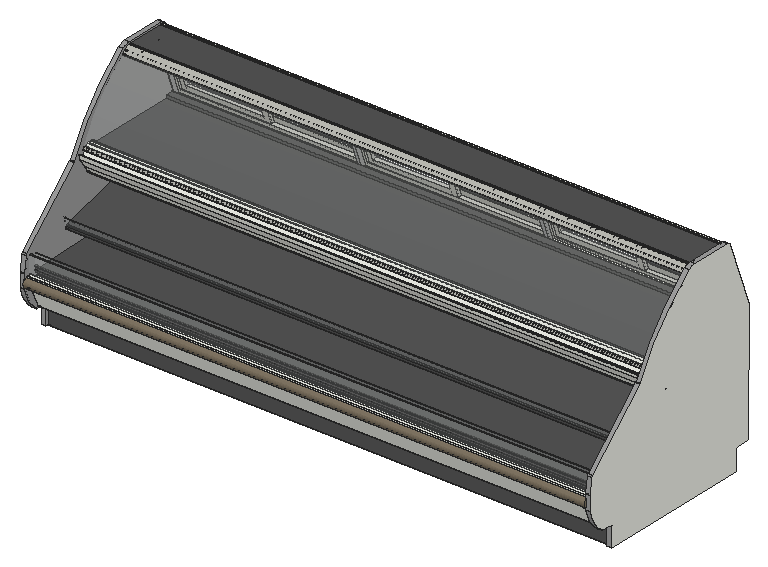
Revit family "CR3H-HF_2014", category Specialty Equipment, Revit 2014 (continued)
Automatic sketch dimensions
  Extrusion 4 sketch curve to Extrusion 4 sketch curve = 0.07575"
  Extrusion 4 sketch curve to Extrusion 4 sketch curve = 0.015"  (x2)
  Extrusion 4 sketch curve to Extrusion 4 sketch curve = 0.02598"
  Extrusion 4 sketch curve to Extrusion 4 sketch curve = 0.71047"
  Extrusion 4 sketch curve to Extrusion 4 sketch curve = 0.83571"
  Extrusion 4 sketch curve to Extrusion 4 sketch curve = 0.0325"
  Extrusion 4 sketch curve to Extrusion 4 sketch curve = 0.05157"
  Extrusion 4 sketch curve to Extrusion 4 sketch curve = 0.15131"
  Extrusion 4 sketch curve to Extrusion 4 sketch curve = 0.0366"
  Extrusion 4 sketch curve to Extrusion 4 sketch curve = 0.91312"
  Extrusion 4 sketch curve to Extrusion 4 sketch curve = 0.03995"
  Extrusion 4 sketch curve to Extrusion 4 sketch curve = 0.85479"
  Extrusion 4 sketch curve to Extrusion 4 sketch curve = 0.05372"
  Extrusion 4 sketch curve to Extrusion 4 sketch curve = 0.75387"
  Extrusion 4 sketch curve to Extrusion 4 sketch curve = 0.0238"
  Extrusion 4 sketch curve to Extrusion 4 sketch curve = 0.01291"
  Extrusion 4 sketch curve to Extrusion 4 sketch curve = 0.75022"
  Extrusion 4 sketch curve to Extrusion 4 sketch curve = 0.77812"
  Extrusion 4 sketch curve to Extrusion 4 sketch curve = 0.02374"
  Extrusion 4 sketch curve to Extrusion 4 sketch curve = 0.2159"
  Extrusion 4 sketch curve to Extrusion 4 sketch curve = 0.02365"
  Extrusion 4 sketch curve to Extrusion 4 sketch curve = 0.06259"
  Extrusion 4 sketch curve to Extrusion 4 sketch curve = 0.05811"
  Extrusion 4 sketch curve to Extrusion 4 sketch curve = 1/16"
  Extrusion 4 sketch curve to Extrusion 4 sketch curve = 0.00996"
  Extrusion 4 sketch curve to Extrusion 4 sketch curve = 0.06037"
  Extrusion 4 sketch curve to Extrusion 4 sketch curve = 1.03228"
  Extrusion 4 sketch curve to Extrusion 4 sketch curve = 0.002"
  Extrusion 4 sketch curve to Extrusion 4 sketch curve = 0.07433"
  Extrusion 4 sketch curve to Extrusion 4 sketch curve = 0.05894"
  Extrusion 4 sketch curve to Extrusion 4 sketch curve = 0.942"
  Extrusion 4 sketch curve to Extrusion 4 sketch curve = 0.437"
  Extrusion 4 sketch curve to Extrusion 4 sketch curve = 1.30099"
  Extrusion 4 sketch curve to Extrusion 4 sketch curve = 0.321"  (x2)
  Extrusion 4 sketch curve to Extrusion 4 sketch curve = 0.3835"
  Extrusion 4 sketch curve to Extrusion 4 sketch curve = 0.33171"
  Extrusion 4 sketch curve to Extrusion 4 sketch curve = 0.48743"
  Extrusion 4 sketch curve to Extrusion 4 sketch curve = 0.0925"  (x2)
  Extrusion 4 sketch curve to Extrusion 4 sketch curve = 0.71176"
  Extrusion 4 sketch curve to Extrusion 4 sketch curve = 0.95999"
  level to Extrusion 4 sketch curve = 7.41108"
  Extrusion 4 sketch curve to Extrusion 4 sketch curve = 0.70692"
  Extrusion 4 sketch curve to Extrusion 4 sketch curve = 0.92046"
  Extrusion 4 sketch curve to Extrusion 4 sketch curve = 0.03"
  Extrusion 4 sketch curve to Extrusion 4 sketch curve = 0.57125"
  Extrusion 4 sketch curve to Extrusion 4 sketch curve = 0.01129"
  Extrusion 4 sketch curve to Extrusion 4 sketch curve = 0.18131"
  Extrusion 4 sketch curve to Extrusion 4 sketch curve = 0.02229"
  Extrusion 4 sketch curve to Extrusion 4 sketch curve = 2.51608"
  Extrusion 4 sketch curve to Extrusion 4 sketch curve = 0.234"
  Extrusion 4 sketch curve to Extrusion 4 sketch curve = 3.88125"
  Extrusion 4 sketch curve to Extrusion 4 sketch curve = 0.91209"
  Extrusion 4 sketch curve to Extrusion 4 sketch curve = 0.01618"
  Extrusion 4 sketch curve to Extrusion 4 sketch curve = 0.09662"
  Extrusion 4 sketch curve to Extrusion 4 sketch curve = 0.11688"
  Extrusion 4 sketch curve to Extrusion 4 sketch curve = 1.62375"
  Extrusion 4 sketch curve to Extrusion 4 sketch curve = 0.1555"
  Extrusion 4 sketch curve to Extrusion 4 sketch curve = 0.062"
  Extrusion 4 sketch curve to Extrusion 4 sketch curve = 0.59641"
  Extrusion 4 sketch curve to Extrusion 4 sketch curve = 0.371"
  Extrusion 4 sketch curve to Extrusion 4 sketch curve = 0.24458"
  Extrusion 4 sketch curve to Extrusion 4 sketch curve = 12.24798"
  Extrusion 4 sketch curve to Extrusion 4 sketch curve = 0.00656"
  Extrusion 4 sketch curve to Extrusion 4 sketch curve = 0.39739"
  Extrusion 4 sketch curve to Extrusion 4 sketch curve = 0.32631"
  Extrusion 4 sketch curve to Extrusion 4 sketch curve = 0.39507"
  Extrusion 4 sketch curve to Extrusion 4 sketch curve = 2.2093"
  Extrusion 4 sketch curve to Extrusion 4 sketch curve = 0.96558"
  Extrusion 4 sketch curve to Extrusion 4 sketch curve = 0.01537"
  Extrusion 4 sketch curve to Extrusion 4 sketch curve = 1.40745"
  Extrusion 4 sketch curve to Extrusion 4 sketch curve = 1.95994"
  Extrusion 4 sketch curve to Extrusion 4 sketch curve = 0.22796"
  Extrusion 4 sketch curve to Extrusion 4 sketch curve = 0.43429"
  Extrusion 4 sketch curve to Extrusion 4 sketch curve = 0.4825"
  Extrusion 4 sketch curve to Extrusion 4 sketch curve = 0.17619"
  Extrusion 4 sketch curve to Extrusion 4 sketch curve = 0.12493"
  Extrusion 4 sketch curve to Extrusion 4 sketch curve = 1.46908"
  Extrusion 4 sketch curve to Extrusion 4 sketch curve = 0.03185"
  Extrusion 4 sketch curve to Extrusion 4 sketch curve = 2.01993"
  Extrusion 4 sketch curve to Extrusion 4 sketch curve = 0.68782"
  Extrusion 4 sketch curve to Extrusion 4 sketch curve = 0.00882"
  Extrusion 4 sketch curve to Extrusion 4 sketch curve = 0.37625"
  Extrusion 4 sketch curve to Extrusion 4 sketch curve = 0.06078"
  Extrusion 4 sketch curve to Extrusion 4 sketch curve = 0.07809"
  Extrusion 4 sketch curve to Extrusion 4 sketch curve = 4.12766"
  Extrusion 4 sketch curve to Extrusion 4 sketch curve = 0.01127"
  Extrusion 4 sketch curve to Extrusion 4 sketch curve = 0.16976"
  Extrusion 4 sketch curve to Extrusion 4 sketch curve = 0.01077"
  Extrusion 4 sketch curve to Extrusion 4 sketch curve = 0.25301"
  Extrusion 4 sketch curve to Extrusion 4 sketch curve = 0.0054"
  Extrusion 4 sketch curve to Extrusion 4 sketch curve = 0.11679"
  Extrusion 4 sketch curve to Extrusion 4 sketch curve = 35/128"
  Extrusion 4 sketch curve to Extrusion 4 sketch curve = 0.98246"
  Extrusion 4 sketch curve to Extrusion 4 sketch curve = 0.00402"
  Extrusion 4 sketch curve to Extrusion 4 sketch curve = 0.52991"
  Extrusion 4 sketch curve to Extrusion 4 sketch curve = 0.12516"
  Extrusion 4 sketch curve to Extrusion 4 sketch curve = 0.00521"
  Extrusion 4 sketch curve to Extrusion 4 sketch curve = 0.5022"
  Extrusion 4 sketch curve to Extrusion 4 sketch curve = 0.30902"
  Extrusion 4 sketch curve to Extrusion 4 sketch curve = 0.03957"
  Extrusion 4 sketch curve to Extrusion 4 sketch curve = 0.82"
  Extrusion 4 sketch curve to Extrusion 4 sketch curve = 0.0258"
  Extrusion 4 sketch curve to Extrusion 4 sketch curve = 0.03743"
  Extrusion 4 sketch curve to Extrusion 4 sketch curve = 0.03257"
  Extrusion 4 sketch curve to Extrusion 4 sketch curve = 0.03732"
  Extrusion 4 sketch curve to Extrusion 4 sketch curve = 0.15477"
  Extrusion 4 sketch curve to Extrusion 4 sketch curve = 0.04499"
  Extrusion 4 sketch curve to Extrusion 4 sketch curve = 0.435"  (x2)
  Extrusion 4 sketch curve to Extrusion 4 sketch curve = 0.50144"
  Extrusion 4 sketch curve to Extrusion 4 sketch curve = 0.00074"
  Extrusion 4 sketch curve to Extrusion 4 sketch curve = 0.03381"
  Extrusion 5 sketch curve to Extrusion 5 sketch curve = 0"  (x3)
  Extrusion 5 sketch curve to Extrusion 5 sketch curve = 0.06362"
  Extrusion 5 sketch curve to Extrusion 5 sketch curve = 0.07036"
  Extrusion 5 sketch curve to Extrusion 5 sketch curve = 0.03426"
  Extrusion 5 sketch curve to Extrusion 5 sketch curve = 0.0544"
  Extrusion 5 sketch curve to Extrusion 5 sketch curve = 0.06497"
  Extrusion 5 sketch curve to Extrusion 5 sketch curve = 0.03498"  (x2)
  Extrusion 5 sketch curve to Extrusion 5 sketch curve = 0.02998"
  Extrusion 5 sketch curve to Extrusion 5 sketch curve = 0.00096"
  Extrusion 5 sketch curve to Extrusion 5 sketch curve = 0.00112"
  Extrusion 5 sketch curve to Extrusion 5 sketch curve = 0.01468"
  plane 1 "Back" to Extrusion 5 sketch curve = 21.46057"
  Extrusion 5 sketch curve to Extrusion 5 sketch curve = 0.688"
  level to Extrusion 5 sketch curve = 14.00005"
  Extrusion 5 sketch curve to Extrusion 5 sketch curve = 0.45673"
  Extrusion 5 sketch curve to Extrusion 5 sketch curve = 0.0279"
  Extrusion 5 sketch curve to Extrusion 5 sketch curve = 0.6195"
  Extrusion 5 sketch curve to Extrusion 5 sketch curve = 0.00718"
  Extrusion 5 sketch curve to Extrusion 5 sketch curve = 0.47011"
  Extrusion 5 sketch curve to Extrusion 5 sketch curve = 0.01333"
  Extrusion 5 sketch curve to Extrusion 5 sketch curve = 9.26371"
  Extrusion 6 sketch curve to Extrusion 6 sketch curve = 0.06041"
  Extrusion 6 sketch curve to Extrusion 6 sketch curve = 0.16871"
  Extrusion 6 sketch curve to Extrusion 6 sketch curve = 0.06028"
  Extrusion 6 sketch curve to Extrusion 6 sketch curve = 0.00013"
  Extrusion 6 sketch curve to Extrusion 6 sketch curve = 0.01605"
  Extrusion 6 sketch curve to Extrusion 6 sketch curve = 0.20224"
  Extrusion 6 sketch curve to Extrusion 6 sketch curve = 0.04419"
  Extrusion 6 sketch curve to Extrusion 6 sketch curve = 0.06037"  (x4)
  Extrusion 6 sketch curve to Extrusion 6 sketch curve = 0.25343"
  Extrusion 6 sketch curve to Extrusion 6 sketch curve = 0.58875"
  Extrusion 6 sketch curve to Extrusion 6 sketch curve = 0.56443"
  Extrusion 6 sketch curve to Extrusion 6 sketch curve = 0.02594"
  Extrusion 6 sketch curve to Extrusion 6 sketch curve = 0.03864"
  Extrusion 6 sketch curve to Extrusion 6 sketch curve = 0.01757"
  Extrusion 6 sketch curve to Extrusion 6 sketch curve = 0.8447"
  Extrusion 6 sketch curve to Extrusion 6 sketch curve = 0.03897"
  Extrusion 6 sketch curve to Extrusion 6 sketch curve = 0.08331"
  Extrusion 6 sketch curve to Extrusion 6 sketch curve = 0.00906"  (x2)
  Extrusion 6 sketch curve to Extrusion 6 sketch curve = 0.03381"
  Extrusion 6 sketch curve to Extrusion 6 sketch curve = 0.08021"
  Extrusion 6 sketch curve to Extrusion 6 sketch curve = 0.03427"
  Extrusion 6 sketch curve to Extrusion 6 sketch curve = 0.03335"  (x2)
  Extrusion 6 sketch curve to Extrusion 6 sketch curve = 0.52078"
  Extrusion 6 sketch curve to Extrusion 6 sketch curve = 0.01551"
  Extrusion 6 sketch curve to Extrusion 6 sketch curve = 0.06761"
  Extrusion 6 sketch curve to Extrusion 6 sketch curve = 13.05208"
  Extrusion 6 sketch curve to Extrusion 6 sketch curve = 0.01618"  (x4)
  Extrusion 6 sketch curve to Extrusion 6 sketch curve = 0.19411"
  level to Extrusion 6 sketch curve = 19.52816"
  Extrusion 6 sketch curve to Extrusion 6 sketch curve = 0.04594"
  Extrusion 6 sketch curve to Extrusion 6 sketch curve = 0.00048"
  Extrusion 6 sketch curve to Extrusion 6 sketch curve = 0.06775"
  Extrusion 6 sketch curve to Extrusion 6 sketch curve = 0.09835"
  Extrusion 6 sketch curve to Extrusion 6 sketch curve = 0.03045"
  Extrusion 6 sketch curve to Extrusion 6 sketch curve = 0.11828"
  Extrusion 6 sketch curve to Extrusion 6 sketch curve = 0.06155"
  Extrusion 6 sketch curve to Extrusion 6 sketch curve = 0.19448"
  Extrusion 6 sketch curve to Extrusion 6 sketch curve = 0.00806"
  Extrusion 6 sketch curve to Extrusion 6 sketch curve = 0.73078"
  Extrusion 6 sketch curve to Extrusion 6 sketch curve = 0.04343"
  Extrusion 6 sketch curve to Extrusion 6 sketch curve = 0.15767"
  Extrusion 6 sketch curve to Extrusion 6 sketch curve = 0.03611"
  Extrusion 6 sketch curve to Extrusion 6 sketch curve = 0.29027"
  Extrusion 6 sketch curve to Extrusion 6 sketch curve = 0.02232"
  Extrusion 6 sketch curve to Extrusion 6 sketch curve = 3.49547"
  Extrusion 6 sketch curve to Extrusion 6 sketch curve = 0.72444"
  Extrusion 7 sketch curve to Extrusion 7 sketch curve = 0.12074"  (x2)
  Extrusion 7 sketch curve to Extrusion 7 sketch curve = 0.71175"
  Extrusion 7 sketch curve to Extrusion 7 sketch curve = 0.24152"
  level to Extrusion 7 sketch curve = 19.59182"
  Extrusion 7 sketch curve to Extrusion 7 sketch curve = 0.06457"
  Extrusion 7 sketch curve to Extrusion 7 sketch curve = 2.6563"
  Extrusion 7 sketch curve to Extrusion 7 sketch curve = 0.03235"
  Extrusion 8 sketch curve to Extrusion 8 sketch curve = 0.23743"
  Extrusion 8 sketch curve to Extrusion 8 sketch curve = 1/4"
  level to Extrusion 8 sketch curve = 13.11258"
  Extrusion 8 sketch curve to Extrusion 8 sketch curve = 5.49984"
  level to Extrusion 9 sketch curve = 11.47878"
  Extrusion 9 sketch curve to Extrusion 9 sketch curve = 1 1/4"
  level to Extrusion 12 sketch curve = 0.02008"
  Extrusion 12 sketch curve to Extrusion 12 sketch curve = 0.035"  (x3)
  Extrusion 12 sketch curve to level = 0.01492"  (x2)
  Extrusion 12 sketch curve to Extrusion 12 sketch curve = 29/64"
  Extrusion 12 sketch curve to Extrusion 12 sketch curve = 3/64"  (x2)
  Extrusion 12 sketch curve to Extrusion 12 sketch curve = 0.08188"
  plane 1 "Back" to Extrusion 12 sketch curve = 4.19387"
  level to Extrusion 12 sketch curve = 0.05241"
  Extrusion 12 sketch curve to Extrusion 12 sketch curve = 0.30277"
  level to Extrusion 12 sketch curve = 0.08467"
  Extrusion 12 sketch curve to Extrusion 12 sketch curve = 0.01862"
  Extrusion 12 sketch curve to Extrusion 12 sketch curve = 0.36323"
  level to Extrusion 12 sketch curve = 5/256"
  Extrusion 12 sketch curve to Extrusion 12 sketch curve = 0.00608"
  Extrusion 12 sketch curve to Extrusion 12 sketch curve = 3/8"  (x2)
  level to Extrusion 12 sketch curve = 0.45495"
  Extrusion 12 sketch curve to Extrusion 12 sketch curve = 0.01274"
  Extrusion 12 sketch curve to Extrusion 12 sketch curve = 4.68"
  Extrusion 12 sketch curve to Extrusion 12 sketch curve = 5.01739"
  Extrusion 16 sketch curve to Extrusion 16 sketch curve = 0.24987"
  level to Extrusion 16 sketch curve = 14.52078"
  Extrusion 16 sketch curve to Extrusion 16 sketch curve = 0.00803"
  Extrusion 19 sketch curve to Extrusion 19 sketch curve = 3.10211"
  Extrusion 19 sketch curve to Extrusion 19 sketch curve = 2.4486"
  Extrusion 19 sketch curve to Extrusion 19 sketch curve = 0.72957"
  Extrusion 19 sketch curve to Extrusion 19 sketch curve = 2.09477"
  Extrusion 19 sketch curve to Extrusion 19 sketch curve = 0.76243"
  Extrusion 20 sketch curve to Extrusion 20 sketch curve = 3.10211"
  Extrusion 20 sketch curve to Extrusion 20 sketch curve = 2.4486"
  Extrusion 20 sketch curve to Extrusion 20 sketch curve = 0.72957"
  Extrusion 20 sketch curve to Extrusion 20 sketch curve = 2.09477"
  Extrusion 20 sketch curve to Extrusion 20 sketch curve = 0.76243"
  Extrusion 25 sketch curve to Extrusion 25 sketch curve = 3.10211"
  Extrusion 25 sketch curve to Extrusion 25 sketch curve = 2.4486"
  Extrusion 25 sketch curve to Extrusion 25 sketch curve = 0.72957"
  Extrusion 25 sketch curve to Extrusion 25 sketch curve = 2.09477"
  Extrusion 25 sketch curve to Extrusion 25 sketch curve = 0.76243"
  Extrusion 26 sketch curve to Extrusion 26 sketch curve = 3.10211"
  Extrusion 26 sketch curve to Extrusion 26 sketch curve = 2.4486"
  Extrusion 26 sketch curve to Extrusion 26 sketch curve = 0.72957"
  Extrusion 26 sketch curve to Extrusion 26 sketch curve = 2.09477"
  Extrusion 26 sketch curve to Extrusion 26 sketch curve = 0.76243"
  Extrusion 27 sketch curve to Extrusion 27 sketch curve = 3.10211"
  Extrusion 27 sketch curve to Extrusion 27 sketch curve = 2.4486"
  Extrusion 27 sketch curve to Extrusion 27 sketch curve = 0.72957"
  Extrusion 27 sketch curve to Extrusion 27 sketch curve = 2.09477"
  Extrusion 27 sketch curve to Extrusion 27 sketch curve = 0.76243"
  Extrusion 31 sketch curve to Extrusion 31 sketch curve = 3.10211"
  Extrusion 31 sketch curve to Extrusion 31 sketch curve = 2.4486"
  Extrusion 31 sketch curve to Extrusion 31 sketch curve = 0.72957"
  Extrusion 31 sketch curve to Extrusion 31 sketch curve = 2.09477"
  Extrusion 31 sketch curve to Extrusion 31 sketch curve = 0.76243"
  Extrusion 32 sketch curve to Extrusion 32 sketch curve = 3.10211"
  Extrusion 32 sketch curve to Extrusion 32 sketch curve = 2.4486"
  Extrusion 32 sketch curve to Extrusion 32 sketch curve = 0.72957"
  Extrusion 32 sketch curve to Extrusion 32 sketch curve = 2.09477"
  Extrusion 32 sketch curve to Extrusion 32 sketch curve = 0.76243"
  Extrusion 33 sketch curve to Extrusion 33 sketch curve = 3.10211"
  Extrusion 33 sketch curve to Extrusion 33 sketch curve = 2.4486"
  Extrusion 33 sketch curve to Extrusion 33 sketch curve = 0.72957"
  Extrusion 33 sketch curve to Extrusion 33 sketch curve = 2.09477"
  Extrusion 33 sketch curve to Extrusion 33 sketch curve = 0.76243"
  Extrusion 37 sketch curve to Extrusion 37 sketch curve = 3.10211"
  Extrusion 37 sketch curve to Extrusion 37 sketch curve = 2.4486"
  Extrusion 37 sketch curve to Extrusion 37 sketch curve = 0.72957"
  Extrusion 37 sketch curve to Extrusion 37 sketch curve = 2.09477"
  Extrusion 37 sketch curve to Extrusion 37 sketch curve = 0.76243"
  Extrusion 38 sketch curve to Extrusion 38 sketch curve = 3.10211"
  Extrusion 38 sketch curve to Extrusion 38 sketch curve = 2.4486"
  Extrusion 38 sketch curve to Extrusion 38 sketch curve = 0.72957"
  Extrusion 38 sketch curve to Extrusion 38 sketch curve = 2.09477"
  Extrusion 38 sketch curve to Extrusion 38 sketch curve = 0.76243"
  Extrusion 41 sketch curve to Extrusion 41 sketch curve = 3.10211"
  Extrusion 41 sketch curve to Extrusion 41 sketch curve = 2.4486"
  Extrusion 41 sketch curve to Extrusion 41 sketch curve = 0.72957"
  Extrusion 41 sketch curve to Extrusion 41 sketch curve = 2.09477"
  Extrusion 41 sketch curve to Extrusion 41 sketch curve = 0.76243"
  Extrusion 42 sketch curve to Extrusion 42 sketch curve = 3.10211"
  Extrusion 42 sketch curve to Extrusion 42 sketch curve = 2.4486"
  Extrusion 42 sketch curve to Extrusion 42 sketch curve = 0.72957"
  Extrusion 42 sketch curve to Extrusion 42 sketch curve = 2.09477"
  Extrusion 42 sketch curve to Extrusion 42 sketch curve = 0.76243"
  Extrusion 45 sketch curve to Extrusion 45 sketch curve = 3.10211"
  Extrusion 45 sketch curve to Extrusion 45 sketch curve = 2.4486"
  Extrusion 45 sketch curve to Extrusion 45 sketch curve = 0.72957"
  Extrusion 45 sketch curve to Extrusion 45 sketch curve = 2.09477"
  Extrusion 45 sketch curve to Extrusion 45 sketch curve = 0.76243"
  Extrusion 46 sketch curve to Extrusion 46 sketch curve = 3.10211"
  Extrusion 46 sketch curve to Extrusion 46 sketch curve = 2.4486"
  Extrusion 46 sketch curve to Extrusion 46 sketch curve = 0.72957"
  Extrusion 46 sketch curve to Extrusion 46 sketch curve = 2.09477"
  Extrusion 46 sketch curve to Extrusion 46 sketch curve = 0.76243"
  Extrusion 4 sketch curve to Extrusion 4 sketch curve = 0.22465"
  Extrusion 4 sketch curve to Extrusion 4 sketch curve = 0.92417"
  Extrusion 4 sketch curve to Extrusion 4 sketch curve = 0.21425"
  plane 1 "Back" to Extrusion 4 sketch curve = 0.33657"
  Extrusion 4 sketch curve to Extrusion 4 sketch curve = 0.53"
  Extrusion 4 sketch curve to Extrusion 4 sketch curve = 0.05336"
  Extrusion 4 sketch curve to Extrusion 4 sketch curve = 0.785"
  Extrusion 4 sketch curve to Extrusion 4 sketch curve = 0.40118"
  Extrusion 4 sketch curve to Extrusion 4 sketch curve = 0.46779"
  Extrusion 10 sketch curve to Extrusion 10 sketch curve = 0.23622"
  Extrusion 10 sketch curve to Extrusion 10 sketch curve = 0.2303"
  level to Extrusion 11 sketch curve = 19.53233"
  Extrusion 11 sketch curve to Extrusion 11 sketch curve = 0.09901"
  Extrusion 11 sketch curve to Extrusion 11 sketch curve = 0.12395"
  Extrusion 11 sketch curve to Extrusion 11 sketch curve = 0.42972"
  Extrusion 11 sketch curve to Extrusion 11 sketch curve = 0.00406"
  Extrusion 11 sketch curve to Extrusion 11 sketch curve = 0.09396"
  Extrusion 11 sketch curve to Extrusion 11 sketch curve = 0.10363"
  Extrusion 11 sketch curve to Extrusion 11 sketch curve = 0.03523"
  Extrusion 11 sketch curve to Extrusion 11 sketch curve = 0.24706"
  Extrusion 11 sketch curve to Extrusion 11 sketch curve = 0.03896"
  Extrusion 11 sketch curve to Extrusion 11 sketch curve = 0.51233"
  Extrusion 11 sketch curve to Extrusion 11 sketch curve = 0.032"
  Extrusion 11 sketch curve to Extrusion 11 sketch curve = 0.07685"
  Extrusion 11 sketch curve to Extrusion 11 sketch curve = 0.11966"
  Extrusion 11 sketch curve to Extrusion 11 sketch curve = 0.00808"
  Extrusion 11 sketch curve to Extrusion 11 sketch curve = 0.04801"
  Extrusion 11 sketch curve to Extrusion 11 sketch curve = 0.04591"
  Extrusion 11 sketch curve to Extrusion 11 sketch curve = 0.03859"
  Extrusion 13 sketch curve to Extrusion 13 sketch curve = 0.3456"
  level to Extrusion 14 sketch curve = 19.53233"
  Extrusion 14 sketch curve to Extrusion 14 sketch curve = 13.37003"
  Extrusion 16 sketch curve to Extrusion 16 sketch curve = 0.12848"
  plane 8 to Extrusion 4 sketch curve = 3.75133"
  plane 8 to Extrusion 4 sketch curve = 3.43393"
  plane 8 to Extrusion 4 sketch curve = 0.34572"
  plane 8 to Extrusion 4 sketch curve = 0.19657"
  plane 8 to Extrusion 4 sketch curve = 0.09328"
  plane 8 to Extrusion 10 sketch curve = 0.34233"
  Extrusion 10 sketch curve to Extrusion 10 sketch curve = 0.07535"
  Extrusion 10 sketch curve to Extrusion 10 sketch curve = 0.12064"
  plane 8 to Extrusion 11 sketch curve = 17.75201"
  plane 8 to Extrusion 11 sketch curve = 2.66645"
  plane 8 to Extrusion 11 sketch curve = 0.59618"
  plane 8 to Extrusion 11 sketch curve = 0.51542"
  plane 8 to Extrusion 11 sketch curve = 0.34572"
  plane 8 to Extrusion 11 sketch curve = 0.11862"
  plane 8 to Extrusion 13 sketch curve = 18.31353"
  plane 8 to Extrusion 14 sketch curve = 17.95503"
  plane 9 to Extrusion 4 sketch curve = 6.06739"
  plane 9 to Extrusion 5 sketch curve = 3.77255"
  plane 9 to Extrusion 6 sketch curve = 13.44225"
  plane 9 to Extrusion 7 sketch curve = 12.97178"
  plane 9 to Extrusion 8 sketch curve = 1.89546"
  plane 9 to Extrusion 9 sketch curve = 0.9987"
  plane 9 to Extrusion 9 sketch curve = 1.27995"
  plane 9 to Extrusion 12 sketch curve = 8.32175"
  plane 9 to Extrusion 13 sketch curve = 21.89121"
  plane 9 to Extrusion 16 sketch curve = 3.59732"
  Extrusion 49 sketch curve to level = 0"
  Extrusion 49 sketch curve to plane 1 "Back" = 0"
  level to Extrusion 49 sketch curve = 4.82131"
  level to Extrusion 49 sketch curve = 5.0659"
  Extrusion 49 sketch curve to Extrusion 49 sketch curve = 1/2"  (x3)
  level to Extrusion 49 sketch curve = 8.20113"
  plane 9 to Extrusion 49 sketch curve = 0.49773"
  Extrusion 49 sketch curve to Extrusion 49 sketch curve = 5.99503"
  Extrusion 49 sketch curve to Extrusion 49 sketch curve = 7.97116"
  plane 9 to Extrusion 49 sketch curve = 1.19773"
  Extrusion 49 sketch curve to Extrusion 49 sketch curve = 3.55575"
  plane 9 to Extrusion 49 sketch curve = 0.50556"
  plane 9 to Extrusion 49 sketch curve = 1.77937"
  Extrusion 49 sketch curve to Extrusion 49 sketch curve = 3.85592"
  plane 9 to Extrusion 49 sketch curve = 1.0872"
  Extrusion 49 sketch curve to Extrusion 49 sketch curve = 0.10441"
  plane 9 to Extrusion 49 sketch curve = 1.30019"
  plane 8 to Extrusion 49 sketch curve = 19.7392"
  Extrusion 49 sketch curve to Extrusion 49 sketch curve = 0.51027"
  plane 8 to Extrusion 49 sketch curve = 16.5517"
  plane 8 to Extrusion 49 sketch curve = 2.72374"
  plane 8 to Extrusion 49 sketch curve = 0.42374"
  plane 8 to Extrusion 49 sketch curve = 0.18395"
  Extrusion 49 sketch curve to plane 8 = 0.27626"
  Extrusion 49 sketch curve to plane 1 "Back" = 16.495"
  Extrusion 49 sketch curve to Extrusion 49 sketch curve = 3.00118"
  plane 1 "Back" to Extrusion 49 sketch curve = 5.96807"
  Extrusion 49 sketch curve to Extrusion 49 sketch curve = 10.41409"
  plane 9 to Extrusion 49 sketch curve = 16.4986"
  Extrusion 49 sketch curve to Extrusion 49 sketch curve = 0.47919"
  Extrusion 49 sketch curve to Extrusion 49 sketch curve = 9.01499"
  Extrusion 49 sketch curve to Extrusion 49 sketch curve = 2.96898"
  Extrusion 49 sketch curve to Extrusion 49 sketch curve = 0"
  Extrusion 50 sketch curve to level = 0"
  Extrusion 50 sketch curve to plane 1 "Back" = 0"
  plane 1 "Back" to Extrusion 50 sketch curve = 1/2"
  Extrusion 50 sketch curve to Extrusion 50 sketch curve = 3.00118"
  plane 1 "Back" to Extrusion 50 sketch curve = 4.00118"
  plane 8 to Extrusion 50 sketch curve = 0.18395"
  plane 1 "Back" to Extrusion 50 sketch curve = 5.96807"
  Extrusion 50 sketch curve to plane 8 = 0.27626"
  Extrusion 50 sketch curve to Extrusion 50 sketch curve = 0.65765"
  plane 8 to Extrusion 50 sketch curve = 2.72374"
  Extrusion 50 sketch curve to Extrusion 50 sketch curve = 10.41409"
  plane 9 to Extrusion 50 sketch curve = 16.4986"
  Extrusion 50 sketch curve to Extrusion 50 sketch curve = 0.47919"  (x2)
  plane 9 to Extrusion 50 sketch curve = 10.21272"
  plane 9 to Extrusion 50 sketch curve = 7.28707"
  Extrusion 50 sketch curve to Extrusion 50 sketch curve = 1/2"
  Extrusion 50 sketch curve to Extrusion 50 sketch curve = 2.46898"
  plane 9 to Extrusion 50 sketch curve = 1.77937"
  plane 9 to Extrusion 50 sketch curve = 1.19773"
  Extrusion 50 sketch curve to Extrusion 50 sketch curve = 0.21298"
  plane 9 to Extrusion 50 sketch curve = 0.50556"
  Extrusion 50 sketch curve to Extrusion 50 sketch curve = 1/128"
  level to Extrusion 50 sketch curve = 8.20113"
  Extrusion 50 sketch curve to plane 1 "Back" = 16.495"
  level to Extrusion 50 sketch curve = 4.82131"
  level to Extrusion 50 sketch curve = 5.0659"
  Extrusion 50 sketch curve to Extrusion 50 sketch curve = 5.99503"
  Extrusion 50 sketch curve to Extrusion 50 sketch curve = 3.55575"
  Extrusion 50 sketch curve to Extrusion 50 sketch curve = 3.85592"
  Extrusion 50 sketch curve to Extrusion 50 sketch curve = 0.10441"
  plane 8 to Extrusion 50 sketch curve = 19.7392"
  Extrusion 50 sketch curve to Extrusion 50 sketch curve = 0.51027"
  plane 8 to Extrusion 50 sketch curve = 16.5517"
  Extrusion 50 sketch curve to Extrusion 50 sketch curve = 0"
  Extrusion 1 sketch curve to Extrusion 1 sketch curve = 0"  (x2)
  Extrusion 2 sketch curve to Extrusion 2 sketch curve = 0"
  Extrusion 3 sketch curve to Extrusion 3 sketch curve = 0"
  curve 8 to plane 3 "Left" = 0"
  curve 8 to plane 6 "Right" = 0"
  plane 1 "Back" to curve 1 = 0"
  plane 1 "Back" to curve 4 = 0"
  plane 1 "Back" to curve 2 = 0"
  plane 1 "Back" to curve 3 = 0"
  plane 1 "Back" to curve 5 = 0"
  plane 9 to curve 7 = 14"
  curve 6 to curve 7 = 1 3/4"
  curve 3 to plane 9 = 1/4"
  curve 4 to plane 9 = 1/4"
  curve 2 to plane 9 = 1/4"
  curve 5 to plane 9 = 1/4"
  curve 1 to plane 9 = 1/4"
  Extrusion 15 sketch curve to Extrusion 15 sketch curve = 0"  (x3)
  plane 4 "Center (Left/Right)" to Extrusion 15 sketch curve = 5"
Nested families (in)
  nested 1: "Floor Support - Pegs" at (-75.99499, -30.6875, 0), type "Floor Support - Pegs"
  nested 2: "Floor Support - Pegs" at (65.38051, -30.6875, 0), type "Floor Support - Pegs"
  nested 3: "Service Doors - 110deg - 48" at (18.69301, -25.0591, 11.25191), visible <- "12 Case", type "Service Doors - 110deg - 48"
  nested 4: "Light" at (-5.30699, -5.50716, -2.18133), type "Light"
  nested 5: "Light" at (-5.30699, -20.5797, -21.84835), type "Light"
  nested 6: "Light" at (-5.30699, -27.6863, -31.8452), type "Light"
  nested 7: "Service Doors - 110deg - 48" at (-29.30699, -25.0591, 11.25191), visible <- "12 Case", type "Service Doors - 110deg - 48"
  nested 8: "Service Doors - 110deg - 48" at (-77.30699, -25.0591, 11.25191), visible <- "12 Case", type "Service Doors - 110deg - 48"
  nested 9: "Service Doors - 110deg - 48" at (18.69301, -25.0591, 11.25191), visible <- "12 Case", type "Service Doors - 110deg - 48", not visible
  nested 10: "Service Doors - 110deg - 48" at (-29.30699, -25.0591, 11.25191), visible <- "12 Case", type "Service Doors - 110deg - 48", not visible
  nested 11: "Service Doors - 110deg - 48" at (-77.30699, -25.0591, 11.25191), visible <- "12 Case", type "Service Doors - 110deg - 48", not visible
  nested 12: "Service Doors - 110deg - 48" at (-29.30699, -25.0591, 11.25191), visible <- "8 Case", type "Service Doors - 110deg - 48"
  nested 13: "Service Doors - 110deg - 48" at (-77.30699, -25.0591, 11.25191), visible <- "8 Case", type "Service Doors - 110deg - 48"
  nested 14: "Service Doors - 110deg - 48" at (-29.30699, -25.0591, 11.25191), visible <- "8 Case", type "Service Doors - 110deg - 48", not visible
  nested 15: "Service Doors - 110deg - 48" at (-77.30699, -25.0591, 11.25191), visible <- "8 Case", type "Service Doors - 110deg - 48", not visible
  nested 16: "Service Doors - 110deg - 48" at (-77.30699, -25.0591, 11.25191), visible <- "4 Case", type "Service Doors - 110deg - 48"
  nested 17: "Service Doors - 110deg - 48" at (-77.30699, -25.0591, 11.25191), visible <- "4 Case", type "Service Doors - 110deg - 48", not visible
  nested 18: "Service Doors - 110deg - 60" at (-77.30699, -25.0591, 11.25191), visible <- "5 Case", type "Service Doors - 110deg - 60"
  nested 19: "Service Doors - 110deg - 60" at (-170.99499, -25.0591, 11.25191), visible <- "5 Case", type "Service Doors - 110deg - 60", not visible
  nested 20: "Service Doors - 110deg - 60" at (-17.30699, -25.0591, 11.25191), visible <- "10 Case", type "Service Doors - 110deg - 60"
  nested 21: "Service Doors - 110deg - 60" at (-110.99499, -25.0591, 11.25191), visible <- "10 Case", type "Service Doors - 110deg - 60", not visible
  nested 22: "Service Doors - 110deg - 60" at (-77.30699, -25.0591, 11.25191), visible <- "10 Case", type "Service Doors - 110deg - 60"
  nested 23: "Service Doors - 110deg - 60" at (-170.99499, -25.0591, 11.25191), visible <- "10 Case", type "Service Doors - 110deg - 60", not visible
  nested 24: "Service Doors - 110deg - 72" at (-77.30699, -25.0591, 11.25191), visible <- "6 Case", type "Service Doors - 110deg - 72"
  nested 25: "Service Doors - 110deg - 72" at (-72.99499, -14.67418, 0), visible <- "6 Case", type "Service Doors - 110deg - 72", not visible
  nested 26: "Sliding Doors" at (-77.30699, -0.27157, 7.54708), type "Sliding Doors"
  nested 27: "Shelf Braket - 02" at (-75.99499, -21.46057, 19.51458), type "Shelf Braket - 02"
  nested 28: "Shelf Braket - 02" at (65.38051, -21.46057, 19.51458), type "Shelf Braket - 02"
  nested 29: "Floor Support - Pegs" at (-28.86982, -30.6875, 0), type "Floor Support - Pegs"
  nested 30: "Shelf Braket - 02" at (-28.86982, -21.46057, 19.51458), type "Shelf Braket - 02"
  nested 31: "Floor Support - Pegs" at (18.25535, -30.6875, 0), type "Floor Support - Pegs"
  nested 32: "Shelf Braket - 02" at (18.25535, -21.46057, 19.51458), type "Shelf Braket - 02"
Connectors (in)
  piping at (-13.43199, -38.875, 0), diameter 1.5, driven by "Waste Drain"
    settings: on Extrusion 1, index 8, connector inside diameter 1 1/4", connector length 0", flow factor 0, pipe flow 0 GPM, pressure drop 0.00 psi, fitting loss kfactor 0, connector angle 0.00°, fixture units 0, engagement length 0", angle of deflection 0.00°, flow configuration 0, flow direction 0, fitting loss method 0, system type 16, joint type 0, gender type 0, connector reference index -1, connector utility 0, adjustable connector no, is connector primary yes, connector description "1 1/4\""
  piping at (60.38051, -37.125, 0), diameter 0.625, driven by "Refrig. Suction", driven by "Refrigeration Lines Suction"
    settings: on Extrusion 2, index 9, connector inside diameter 7/8", connector length 0", flow factor 0, pipe flow 0 GPM, pressure drop 0.00 psi, fitting loss kfactor 0, connector angle 0.00°, fixture units 0, engagement length 0", angle of deflection 0.00°, flow configuration 0, flow direction 2, fitting loss method 0, system type 22, joint type 0, gender type 0, connector reference index -1, connector utility 0, adjustable connector no, is connector primary no, connector description "Suction"
  piping at (60.88051, -37.125, 0), diameter 0.375, driven by "Refrig. Liquid", driven by "Refrigeration Lines Liquid"
    settings: on Extrusion 3, index 10, connector inside diameter 3/8", connector length 0", flow factor 0, pipe flow 0 GPM, pressure drop 0.00 psi, fitting loss kfactor 0, connector angle 0.00°, fixture units 0, engagement length 0", angle of deflection 0.00°, flow configuration 0, flow direction 1, fitting loss method 0, system type 22, joint type 0, gender type 0, connector reference index -1, connector utility 0, adjustable connector no, is connector primary no, connector description "Liquid"
  piping at (-0.30699, -17.375, 0), diameter 1.5, driven by "Waste Drain"
    settings: on Extrusion 15, index 13, connector inside diameter 1 1/4", connector length 0", flow factor 0, pipe flow 0 GPM, pressure drop 0.00 psi, fitting loss kfactor 0, connector angle 0.00°, fixture units 0, engagement length 0", angle of deflection 0.00°, flow configuration 0, flow direction 0, fitting loss method 0, system type 16, joint type 0, gender type 0, connector reference index -1, connector utility 0, adjustable connector no, is connector primary no, connector description ""
Definition of nested family "Floor Support - Pegs"
  Parameters (values of type "Floor Support - Pegs")
    Leg = Stainless Steel
    Height = 6"
    Depth = 35 3/4"
  Reference planes (in)
    plane 1 "Center (Front/Back)": y = 6.9375
    plane 2: z = 0
    plane 3 "Center (Left/Right)": x = 0
    plane 4: z = 6
    plane 5: y = 24.8125
    plane 6: y = -10.9375
  Forms (in)
    Revolve 1, solid, material "Stainless Steel" <- "Leg"
      sketch origin (0, 0, 0) x (0, 1, 0) y (0, 0, 1)
        loop
          line (-10.9375, 0) -> (-10.4375, 0) -> (-10.4375, 1.00794)
          arc (-10.4375, 1.00794) -> (-10.21653, 1.09947) -> (-10.125, 1.32044) r 0.3125
          line (-10.125, 1.32044) -> (-10.125, 3.375) -> (-10, 3.375) -> (-10, 6) -> (-10.9375, 6) -> (-10.9375, 0)
        axis (-10.9375, 0) -> (-10.9375, 6)
      angle from 0 to 360
    Revolve 2, solid, material "Stainless Steel" <- "Leg"
      sketch origin (0, 35.75, 0) x (0, 1, 0) y (0, 0, 1)
        loop
          line (-10.9375, 0) -> (-10.4375, 0) -> (-10.4375, 1.00794)
          arc (-10.4375, 1.00794) -> (-10.21653, 1.09947) -> (-10.125, 1.32044) r 0.3125
          line (-10.125, 1.32044) -> (-10.125, 3.375) -> (-10, 3.375) -> (-10, 6) -> (-10.9375, 6) -> (-10.9375, 0)
        axis (-10.9375, 0) -> (-10.9375, 6)
      angle from 0 to 360
  Dimensions and locks (in)
    "Height": plane 4 to level
    Revolve 1 sketch curve to Revolve 1 sketch curve = 5/16"
    locked: Revolve 1 sketch curve to Revolve 1 sketch curve at 0.5
    "Depth": plane 6 to plane 5
    equal spacing: plane 6, plane 1 "Center (Front/Back)", plane 5
    plane 4 to Revolve 1 sketch curve = 2 5/8"
    locked: Revolve 1 sketch curve to Revolve 1 sketch curve at 0.125
    Revolve 2 sketch curve to Revolve 2 sketch curve = 5/16"
    locked: Revolve 2 sketch curve to Revolve 2 sketch curve at 0.5
    locked: Revolve 2 sketch curve to Revolve 2 sketch curve at 0.125
    aligned and locked: plane 2 to level
    aligned and locked: Revolve 1 sketch curve to Revolve 1 sketch curve
    aligned and locked: plane 6 to Revolve 1 sketch curve
    aligned and locked: Revolve 2 sketch curve to Revolve 2 sketch curve
    aligned and locked: plane 5 to Revolve 2 sketch curve
  Automatic sketch dimensions
    Revolve 1 sketch curve to level = 0"  (x2)
    Revolve 1 sketch curve to plane 4 = 0"  (x2)
    Revolve 1 sketch curve to Revolve 1 sketch curve = 1.00794"
    Revolve 2 sketch curve to level = 0"  (x2)
    Revolve 2 sketch curve to plane 4 = 0"  (x2)
    level to Revolve 2 sketch curve = 1.00794"
    Revolve 2 sketch curve to Revolve 2 sketch curve = 2.05456"
Definition of nested family "Service Doors - 110deg - 48"
  Parameters (values of type "Service Doors - 110deg - 48")
    Glazing = Glass
    Door Frame = Plastic - 144 Mist Gray
  Reference planes (in)
    plane 1 "Center (Front/Back)": y = 25.29918
    plane 2: z = 0
    plane 3 "Center (Left/Right)": x = 0
  Forms (in)
    Sweep 1, solid, material "Plastic - 144 Mist Gray" <- "Door Frame"
      path in 3D
        loop
          line (48, 19.82686, 39.76221) -> (0, 19.82686, 39.76221) -> (0, 25.29918, 24.72713) -> (48, 25.29918, 24.72713) -> (48, 19.82686, 39.76221)
      profile origin (24, 19.82686, 39.76221) x (0, -0.999433, -0.03367) y (0, -0.03367, 0.999433)
        loop
          line (0.22211, -0.07247) -> (0, 0) -> (-0.46528, -1.42601) -> (1.67266, -2.12358) -> (1.98285, -1.17291) -> (0.08303, -0.55303) -> (0.22211, -0.07247)
    Extrusion 2, solid, material "Plastic - 144 Mist Gray" <- "Door Frame"
      sketch origin (1.5, 18.22664, 37.58351) x (0, 0.34202, -0.939693) y (0, 0.939693, 0.34202)
        loop
          line (0, 0.25) -> (13, 0.25) -> (13, 1.0625) -> (0, 1.0625) -> (0, 0.25)
      from 0 to 23
    Extrusion 3, solid, material "Plastic - 144 Mist Gray" <- "Door Frame"
      sketch origin (46.5, 22.67291, 25.36751) x (0, -0.34202, 0.939693) y (0, 0.939693, 0.34202)
        loop
          line (13, 1.875) -> (0, 1.875) -> (0, 1.0625) -> (13, 1.0625) -> (13, 1.875)
      from 0 to 23
    Extrusion 4, void
      sketch origin (46.5, 16.02328, 49.11934) x (0, -0.34202, 0.939693) y (-1, 0, 0)
        loop
          line (-23.09373, 21.5) -> (-23.09373, 1.5) -> (-13.09373, 1.5) -> (-13.09373, 21.5) -> (-23.09373, 21.5)
      from 0 to 0.8125
    Extrusion 5, void
      sketch origin (1.5, 18.28571, 38.15219) x (0, -0.34202, 0.939693) y (1, 0, 0)
        loop
          line (-2.01418, 21.5) -> (-12.01418, 21.5) -> (-12.01418, 1.5) -> (-2.01418, 1.5) -> (-2.01418, 21.5)
      from 0 to 0.8125
    Extrusion 6, solid, material "Glass" <- "Glazing"
      sketch origin (25, 24.43483, 26.0088) x (0, -0.34202, 0.939693) y (0, -0.939693, -0.34202)
        loop
          line (1.5, 0.1875) -> (13, 0.1875) -> (13, 0.625) -> (1.5, 0.625) -> (1.5, 0.1875)
      from 0 to 20
    Extrusion 7, solid, material "Glass" <- "Glazing"
      sketch origin (23, 18.46157, 37.66902) x (0, 0.34202, -0.939693) y (0, -0.939693, -0.34202)
        loop
          line (1.5, -0.625) -> (13, -0.625) -> (13, -0.1875) -> (1.5, -0.1875) -> (1.5, -0.625)
      from 0 to 20
  Cuts and joins
    Extrusion 4 cuts Extrusion 3
    Extrusion 5 cuts Extrusion 2
  Lines and regions (in)
    sketch lines
      curve 1: line (48, 25.29918, 24.72713) -> (48, 19.82686, 39.76221)
      curve 2: line (0, 19.82686, 39.76221) -> (0, 25.29918, 24.72713)
      curve 3: line (48, 19.82686, 39.76221) -> (0, 19.82686, 39.76221)
      curve 4: line (48, 25.29918, 24.72713) -> (0, 25.29918, 24.72713)
  Dimensions and locks (in)
    Extrusion 2 to Extrusion 3 = 45"
    plane 3 "Center (Left/Right)" to Sweep 1 = 48"
    Sweep 1 to Sweep 1 = 1 1/2"
    locked: cut or joined group of Extrusion 3, Extrusion 4 to Extrusion 4 sketch curve at 1.5
    locked: Extrusion 5 sketch curve to cut or joined group of Extrusion 2, Extrusion 5 at 1.5
    Sweep 1 to Sweep 1 = 16"
    locked: cut or joined group of Extrusion 2, Extrusion 5 to Extrusion 5 sketch curve at 1.5  (x2)
    locked: Sweep 1 to Extrusion 5 sketch curve at 1.5
    locked: Extrusion 4 sketch curve to Sweep 1 at 1.5  (x3)
    Sweep 1 to Sweep 1 = 45"
    angle level to Sweep 1 = 110.00°
    aligned and locked: plane 2 to level
    aligned and locked: Extrusion 3 to Sweep 1  (x3)
    aligned and locked: Extrusion 2 to Sweep 1
    aligned and locked: Extrusion 6 to cut or joined group of Extrusion 3, Extrusion 4
    aligned and locked: cut or joined group of Extrusion 3, Extrusion 4 to Extrusion 6
    aligned and locked: cut or joined group of Extrusion 2, Extrusion 5 to Extrusion 7
    aligned and locked: plane 1 "Center (Front/Back)" to Sweep 1
    aligned and locked: Sweep 1 to Extrusion 2 sketch curve  (x2)
    aligned and locked: cut or joined group of Extrusion 2, Extrusion 5 to Extrusion 7 sketch curve
    aligned and locked: Extrusion 7 sketch curve to Sweep 1
    aligned and locked: Sweep 1 to Extrusion 3 sketch curve  (x2)
    aligned and locked: Extrusion 6 sketch curve to Sweep 1
    aligned and locked: Extrusion 6 sketch curve to cut or joined group of Extrusion 3, Extrusion 4
Definition of nested family "Service Doors - 110deg - 60"
  Parameters (values of type "Service Doors - 110deg - 60")
    Glazing = Glass
    Door Frame = Plastic - 144 Mist Gray
  Reference planes (in)
    plane 1 "Center (Front/Back)": y = 25.29918
    plane 2: z = 0
    plane 3 "Center (Left/Right)": x = 0
  Forms (in)
    Sweep 1, solid, material "Plastic - 144 Mist Gray" <- "Door Frame"
      path in 3D
        loop
          line (60, 19.82686, 39.76221) -> (0, 19.82686, 39.76221) -> (0, 25.29918, 24.72713) -> (60, 25.29918, 24.72713) -> (60, 19.82686, 39.76221)
      profile origin (30, 19.82686, 39.76221) x (0, -0.999433, -0.03367) y (0, -0.03367, 0.999433)
        loop
          line (0.22211, -0.07247) -> (0, 0) -> (-0.46528, -1.42601) -> (1.67266, -2.12358) -> (1.98285, -1.17291) -> (0.08303, -0.55303) -> (0.22211, -0.07247)
    Extrusion 2, solid, material "Plastic - 144 Mist Gray" <- "Door Frame"
      sketch origin (1.5, 18.22664, 37.58351) x (0, 0.34202, -0.939693) y (0, 0.939693, 0.34202)
        loop
          line (0, 0.25) -> (13, 0.25) -> (13, 1.0625) -> (0, 1.0625) -> (0, 0.25)
      from 0 to 29
    Extrusion 3, solid, material "Plastic - 144 Mist Gray" <- "Door Frame"
      sketch origin (58.5, 22.67291, 25.36751) x (0, -0.34202, 0.939693) y (0, 0.939693, 0.34202)
        loop
          line (13, 1.875) -> (0, 1.875) -> (0, 1.0625) -> (13, 1.0625) -> (13, 1.875)
      from 0 to 28.98862
    Extrusion 4, void
      sketch origin (58.5, 16.02328, 49.11934) x (0, -0.34202, 0.939693) y (-1, 0, 0)
        loop
          line (-23.09373, 27.48862) -> (-23.09373, 1.5) -> (-13.09373, 1.5) -> (-13.09373, 27.48862) -> (-23.09373, 27.48862)
      from 0 to 0.8125
    Extrusion 5, void
      sketch origin (1.5, 18.28571, 38.15219) x (0, -0.34202, 0.939693) y (1, 0, 0)
        loop
          line (-2.01418, 27.5) -> (-12.01418, 27.5) -> (-12.01418, 1.5) -> (-2.01418, 1.5) -> (-2.01418, 27.5)
      from 0 to 0.8125
    Extrusion 6, solid, material "Glass" <- "Glazing"
      sketch origin (31.01138, 24.43483, 26.0088) x (0, -0.34202, 0.939693) y (0, -0.939693, -0.34202)
        loop
          line (1.5, 0.1875) -> (13, 0.1875) -> (13, 0.625) -> (1.5, 0.625) -> (1.5, 0.1875)
      from 0 to 25.98862
    Extrusion 7, solid, material "Glass" <- "Glazing"
      sketch origin (29, 18.46157, 37.66902) x (0, 0.34202, -0.939693) y (0, -0.939693, -0.34202)
        loop
          line (1.5, -0.625) -> (13, -0.625) -> (13, -0.1875) -> (1.5, -0.1875) -> (1.5, -0.625)
      from 0 to 26
  Cuts and joins
    Extrusion 4 cuts Extrusion 3
    Extrusion 5 cuts Extrusion 2
  Lines and regions (in)
    sketch lines
      curve 1: line (60, 25.29918, 24.72713) -> (60, 19.82686, 39.76221)
      curve 2: line (0, 19.82686, 39.76221) -> (0, 25.29918, 24.72713)
      curve 3: line (60, 19.82686, 39.76221) -> (0, 19.82686, 39.76221)
      curve 4: line (60, 25.29918, 24.72713) -> (0, 25.29918, 24.72713)
  Dimensions and locks (in)
    Extrusion 2 to Extrusion 3 = 57"
    plane 3 "Center (Left/Right)" to Sweep 1 = 60"
    Sweep 1 to Sweep 1 = 1 1/2"
    locked: cut or joined group of Extrusion 3, Extrusion 4 to Extrusion 4 sketch curve at 1.5
    locked: Extrusion 5 sketch curve to cut or joined group of Extrusion 2, Extrusion 5 at 1.5
    Sweep 1 to Sweep 1 = 16"
    locked: cut or joined group of Extrusion 2, Extrusion 5 to Extrusion 5 sketch curve at 1.5  (x2)
    locked: Sweep 1 to Extrusion 5 sketch curve at 1.5
    locked: Extrusion 4 sketch curve to Sweep 1 at 1.5  (x3)
    Sweep 1 to Sweep 1 = 57"
    angle level to Sweep 1 = 110.00°
    aligned and locked: plane 2 to level
    aligned and locked: Extrusion 3 to Sweep 1  (x3)
    aligned and locked: Extrusion 2 to Sweep 1
    aligned and locked: Extrusion 6 to cut or joined group of Extrusion 3, Extrusion 4
    aligned and locked: cut or joined group of Extrusion 3, Extrusion 4 to Extrusion 6
    aligned and locked: cut or joined group of Extrusion 2, Extrusion 5 to Extrusion 7
    aligned and locked: plane 1 "Center (Front/Back)" to Sweep 1
    aligned and locked: Sweep 1 to Extrusion 2 sketch curve  (x2)
    aligned and locked: cut or joined group of Extrusion 2, Extrusion 5 to Extrusion 7 sketch curve
    aligned and locked: Extrusion 7 sketch curve to Sweep 1
    aligned and locked: Sweep 1 to Extrusion 3 sketch curve  (x2)
    aligned and locked: Extrusion 6 sketch curve to Sweep 1
    aligned and locked: Extrusion 6 sketch curve to cut or joined group of Extrusion 3, Extrusion 4
Definition of nested family "Service Doors - 110deg - 72"
  Parameters (values of type "Service Doors - 110deg - 72")
    Glazing = none
    Door Frame = none
  Reference planes (in)
    plane 1 "Center (Front/Back)": y = 25.29918
    plane 2: z = 0
    plane 3 "Center (Left/Right)": x = 0
  Forms (in)
    Sweep 1, solid, material <- "Door Frame"
      path in 3D
        loop
          line (72, 19.82686, 39.76221) -> (0, 19.82686, 39.76221) -> (0, 25.29918, 24.72713) -> (72, 25.29918, 24.72713) -> (72, 19.82686, 39.76221)
      profile origin (36, 19.82686, 39.76221) x (0, -0.999433, -0.03367) y (0, -0.03367, 0.999433)
        loop
          line (0.22211, -0.07247) -> (0, 0) -> (-0.46528, -1.42601) -> (1.67266, -2.12358) -> (1.98285, -1.17291) -> (0.08303, -0.55303) -> (0.22211, -0.07247)
    Extrusion 2, solid, material <- "Door Frame"
      sketch origin (1.5, 18.22664, 37.58351) x (0, 0.34202, -0.939693) y (0, 0.939693, 0.34202)
        loop
          line (0, 0.25) -> (13, 0.25) -> (13, 1.0625) -> (0, 1.0625) -> (0, 0.25)
      from 0 to 35
    Extrusion 3, solid, material <- "Door Frame"
      sketch origin (70.5, 22.67291, 25.36751) x (0, -0.34202, 0.939693) y (0, 0.939693, 0.34202)
        loop
          line (13, 1.875) -> (0, 1.875) -> (0, 1.0625) -> (13, 1.0625) -> (13, 1.875)
      from 0 to 35
    Extrusion 4, void
      sketch origin (70.5, 16.02328, 49.11934) x (0, -0.34202, 0.939693) y (-1, 0, 0)
        loop
          line (-23.09373, 33.5) -> (-23.09373, 1.5) -> (-13.09373, 1.5) -> (-13.09373, 33.5) -> (-23.09373, 33.5)
      from 0 to 0.8125
    Extrusion 5, void
      sketch origin (1.5, 18.28571, 38.15219) x (0, -0.34202, 0.939693) y (1, 0, 0)
        loop
          line (-2.01418, 33.5) -> (-12.01418, 33.5) -> (-12.01418, 1.5) -> (-2.01418, 1.5) -> (-2.01418, 33.5)
      from 0 to 0.8125
    Extrusion 6, solid, material <- "Glazing"
      sketch origin (37, 24.43483, 26.0088) x (0, -0.34202, 0.939693) y (0, -0.939693, -0.34202)
        loop
          line (1.5, 0.1875) -> (13, 0.1875) -> (13, 0.625) -> (1.5, 0.625) -> (1.5, 0.1875)
      from 0 to 32
    Extrusion 7, solid, material <- "Glazing"
      sketch origin (35, 18.46157, 37.66902) x (0, 0.34202, -0.939693) y (0, -0.939693, -0.34202)
        loop
          line (1.5, -0.625) -> (13, -0.625) -> (13, -0.1875) -> (1.5, -0.1875) -> (1.5, -0.625)
      from 0 to 32
  Cuts and joins
    Extrusion 4 cuts Extrusion 3
    Extrusion 5 cuts Extrusion 2
  Lines and regions (in)
    sketch lines
      curve 1: line (72, 25.29918, 24.72713) -> (72, 19.82686, 39.76221)
      curve 2: line (0, 19.82686, 39.76221) -> (0, 25.29918, 24.72713)
      curve 3: line (72, 19.82686, 39.76221) -> (0, 19.82686, 39.76221)
      curve 4: line (72, 25.29918, 24.72713) -> (0, 25.29918, 24.72713)
  Dimensions and locks (in)
    Extrusion 2 to Extrusion 3 = 69"
    plane 3 "Center (Left/Right)" to Sweep 1 = 72"
    Sweep 1 to Sweep 1 = 1 1/2"
    locked: cut or joined group of Extrusion 3, Extrusion 4 to Extrusion 4 sketch curve at 1.5
    locked: Extrusion 5 sketch curve to cut or joined group of Extrusion 2, Extrusion 5 at 1.5
    Sweep 1 to Sweep 1 = 16"
    locked: cut or joined group of Extrusion 2, Extrusion 5 to Extrusion 5 sketch curve at 1.5  (x2)
    locked: Sweep 1 to Extrusion 5 sketch curve at 1.5
    locked: Extrusion 4 sketch curve to Sweep 1 at 1.5  (x3)
    Sweep 1 to Sweep 1 = 69"
    angle level to Sweep 1 = 110.00°
    aligned and locked: plane 2 to level
    aligned and locked: Extrusion 3 to Sweep 1  (x3)
    aligned and locked: Extrusion 2 to Sweep 1
    aligned and locked: Extrusion 6 to cut or joined group of Extrusion 3, Extrusion 4
    aligned and locked: cut or joined group of Extrusion 3, Extrusion 4 to Extrusion 6
    aligned and locked: cut or joined group of Extrusion 2, Extrusion 5 to Extrusion 7
    aligned and locked: plane 1 "Center (Front/Back)" to Sweep 1
    aligned and locked: Sweep 1 to Extrusion 2 sketch curve  (x2)
    aligned and locked: cut or joined group of Extrusion 2, Extrusion 5 to Extrusion 7 sketch curve
    aligned and locked: Extrusion 7 sketch curve to Sweep 1
    aligned and locked: Sweep 1 to Extrusion 3 sketch curve  (x2)
    aligned and locked: Extrusion 6 sketch curve to Sweep 1
    aligned and locked: Extrusion 6 sketch curve to cut or joined group of Extrusion 3, Extrusion 4
Definition of nested family "Sliding Doors"
  Parameters (values of type "Sliding Doors")
    Width = 144"
    Sliding Door = Plastic - 144 Mist Gray
    Height = 20 7/8"
  Reference planes (in)
    plane 1 "Back": y = 0
    plane 2: z = 0
    plane 3 "Left": x = 0
    plane 4: z = 20.875
    plane 5 "Right": x = 144
    plane 6 "Front": y = -1
    plane 7: x = 72
    plane 8: x = 71
    plane 9: x = 73
    plane 10: y = -0.5
  Forms (in)
    Extrusion 1, solid, material "Plastic - 144 Mist Gray" <- "Sliding Door"
      sketch origin (47, -24.3965, -7.37618) x (0, 1, 0) y (0, 0, 1)
        loop
          line (23.3965, 28.25118) -> (23.3965, 7.37618) -> (23.8965, 7.37618) -> (23.8965, 28.25118) -> (23.3965, 28.25118)
      from -47 to 26
    Extrusion 2, solid, material "Plastic - 144 Mist Gray" <- "Sliding Door"
      sketch origin (47, -24.3965, -7.37618) x (0, 1, 0) y (0, 0, 1)
        loop
          line (23.8965, 7.37618) -> (24.3965, 7.37618) -> (24.3965, 28.25118) -> (23.8965, 28.25118) -> (23.8965, 7.37618)
      from 24 to 97
    Extrusion 3, void
      sketch origin (25, -24.3965, -7.37618) x (1, 0, 0) y (0, 0, 1)
        loop
          circle (117, 17.81368) r 1
      from -24.3965 to -23.8965
    Extrusion 4, void
      sketch origin (47, -24.3965, -7.37618) x (1, 0, 0) y (0, 0, 1)
        loop
          circle (-45, 17.81368) r 1
      from -23.8965 to -23.3965
  Cuts and joins
    Extrusion 3 cuts Extrusion 2
    Extrusion 4 cuts Extrusion 1
  Dimensions and locks (in)
    "Height": plane 4 to level
    "Width": plane 5 "Right" to plane 3 "Left"
    equal spacing: plane 5 "Right", plane 7, plane 3 "Left"
    plane 9 to plane 7 to plane 8 = 1" locked, 1" locked
    equal spacing: plane 4, Extrusion 4 sketch curve, level
    equal spacing: plane 4, Extrusion 3 sketch curve, level
    locked: plane 5 "Right" to Extrusion 3 sketch curve at 2
    locked: Extrusion 4 sketch curve to plane 3 "Left" at 2
    plane 6 "Front" to plane 1 "Back" = 1"
    equal spacing: plane 6 "Front", plane 10, plane 1 "Back"
    aligned and locked: level to plane 2
    aligned and locked: plane 4 to Extrusion 1
    aligned and locked: Extrusion 2 to plane 4
    aligned and locked: plane 5 "Right" to Extrusion 2
    aligned and locked: Extrusion 1 to plane 3 "Left"
    aligned and locked: Extrusion 1 to level
    aligned and locked: Extrusion 2 to level
    aligned and locked: Extrusion 1 to plane 9
    aligned and locked: Extrusion 2 to plane 8
    aligned and locked: Extrusion 2 to plane 1 "Back"
    aligned and locked: Extrusion 3 to plane 1 "Back"
    aligned and locked: Extrusion 2 to Extrusion 3
    aligned and locked: Extrusion 1 to cut or joined group of Extrusion 2, Extrusion 3
    aligned and locked: plane 6 "Front" to Extrusion 4
    aligned and locked: Extrusion 1 to Extrusion 4
  Automatic sketch dimensions
    Extrusion 1 sketch curve to level = 0"
    Extrusion 1 sketch curve to plane 6 "Front" = 0"
    Extrusion 1 sketch curve to Extrusion 1 sketch curve = 1/2"
    Extrusion 1 sketch curve to plane 4 = 0"
    Extrusion 2 sketch curve to level = 0"
    Extrusion 2 sketch curve to plane 6 "Front" = 1/2"
    Extrusion 2 sketch curve to Extrusion 2 sketch curve = 1/2"
    Extrusion 2 sketch curve to plane 4 = 0"
    radius of Extrusion 3 sketch curve = 1"
    radius of Extrusion 4 sketch curve = 1"
Definition of nested family "Shelf Braket - 02"
  Parameters (values of type "Shelf Braket - 02")
    Shelf Bracket = none
  Reference planes (in)
    plane 1 "Center (Front/Back)": y = 0
    plane 2: z = 0
    plane 3 "Center (Left/Right)": x = 0
  Forms (in)
    Extrusion 1, solid, material <- "Shelf Bracket"
      sketch origin (0, 0, 0) x (0, 1, 0) y (0, 0, 1)
        loop
          line (-10.33152, 1.45513) -> (-9.99215, 0.18861) -> (-9.68311, 0) -> (-1.0625, 1.86551) -> (-0.9375, 2.08201) -> (-0.82925, 2.01951) -> (-0.95425, 1.80301) -> (-0.54999, 1.65322) -> (-0.48529, 1.8947) -> (-0.36455, 1.86235) -> (-0.42925, 1.62087) -> (0, 1.58081) -> (0, 1.83081) -> (0.125, 1.83081) -> (0.125, 1.58081) -> (0.55032, 1.65197) -> (0.48529, 1.8947) -> (0.60603, 1.92705) -> (0.66983, 1.68893) -> (0.74614, 1.70938) -> (0.83453, 1.86247) -> (0.73837, 2.22133) -> (0.58528, 2.30972) -> (0.00283, 2.17168) -> (-0.50249, 2.33547) -> (-0.719, 2.46047) -> (0, 3.70581) -> (-0.03235, 3.82655) -> (0.08839, 3.85891) -> (0.19664, 3.79641) -> (0.13414, 3.68815) -> (0.15309, 3.61742) -> (0.38084, 3.67845) -> (0.46923, 3.83154) -> (0.37217, 4.19376) -> (0.21908, 4.28215) -> (-10.33152, 1.45513)
        loop
          circle (0.289, 3.98456) r 0.07
      from 0.125 to -0.125
    Extrusion 2, solid, material <- "Shelf Bracket"
      sketch origin (0, 0, 0) x (0, 1, 0) y (0, 0, 1)
        loop
          line (-0.29106, 4.25416) -> (-10.35869, 1.55655) -> (-10.33152, 1.45513) -> (-0.26388, 4.15274) -> (-0.29106, 4.25416)
      from 0.25 to -0.25
  Dimensions and locks (in)
    aligned and locked: plane 2 to level
Definition of nested family "Light"
  Parameters (values of type "Light")
    Wattage = 16.1571 W
    built-in parameter 1150110 = 1 (stored number, unit not read)
    built-in parameter 1114217 = 1 (stored number, unit not read)
    built-in parameter 1150109 = 1 (stored number, unit not read)
    built-in parameter 1150134 = (empty or 0)
    built-in parameter 1150113 = 1 (stored number, unit not read)
    Lumens = 2400 lm
    built-in parameter 1150115 = 1 (stored number, unit not read)
    built-in parameter 1150105 = 763.94 (stored number, unit not read)
    Light Source Symbol Size = 24"
    built-in parameter 1150137 = (empty or 0)
    built-in parameter 1150139 = (empty or 0)
    Lense = none
    Length = 24"
    built-in parameter 1150112 = 1 (stored number, unit not read)
    built-in parameter 1150114 = 1 (stored number, unit not read)
    built-in parameter 1150132 = 2
    built-in parameter 1150102 = (empty or 0)
    built-in parameter 1150138 = (empty or 0)
    built-in parameter 1150107 = 6100 (stored number, unit not read)
    built-in parameter 1150106 = 7.6394 (stored number, unit not read)
    Emit from Line Length = Length  # 24"
    built-in parameter 1150104 = 13.8 (stored number, unit not read)
    Dimming Lamp Color Temperature Shift = (empty or 0)
    Color Filter = 16777215
    Casing = none
    built-in parameter 1114218 = 1 (stored number, unit not read)
    built-in parameter 1150133 = 10 (stored number, unit not read)
  Reference planes (in)
    plane 1 "Light Source Axis (F/B)": y = -8.60801
    plane 2: z = 0
    plane 3 "Light Source Axis (L/R)": x = 0
    plane 4 "Light Source Elevation": z = 52.5
    plane 5: z = 0
    plane 6 "Left": x = -12
    plane 7 "Right": x = 12
  Lines and regions (in)
    model lines
      curve 1: line (-12, -8.60801, 52.5) -> (12, -8.60801, 52.5)
  Dimensions and locks (in)
    equal spacing: plane 7 "Right", plane 3 "Light Source Axis (L/R)", plane 6 "Left"
    "Length": plane 7 "Right" to plane 6 "Left"
    aligned and locked: plane 3 "Light Source Axis (L/R)" to imposter light
    aligned and locked: plane 1 "Light Source Axis (F/B)" to imposter light
    aligned and locked: plane 4 "Light Source Elevation" to imposter light
    aligned and locked: level to plane 5
  Automatic sketch dimensions
    plane 1 "Light Source Axis (F/B)" to curve 1 = 0"
    curve 1 to plane 6 "Left" = 0"
    curve 1 to plane 7 "Right" = 0"
Types (6): name | Width | Upper Drain | Number of Supports | Lower Drain | 8 Case | 6 Case | 5 Case | 4 Case | 12 Case | 10 Case
  12'-0" Length | 144" | 77" | 4 | 65" | no | no | no | no | yes | no
  10'-0" Length | 120" | 56" | 3 | 53" | no | no | no | no | no | yes
  8'-0" Length | 96" | 56" | 3 | 53" | yes | no | no | no | no | no
  6'-0" Length | 72" | 44" | 3 | 41" | no | yes | no | no | no | no
  5'-0" Length | 60" | 44" | 2 | 41" | no | no | yes | no | no | no
  4'-0" Length | 48" | 32" | 2 | 7" | no | no | no | yes | no | no
